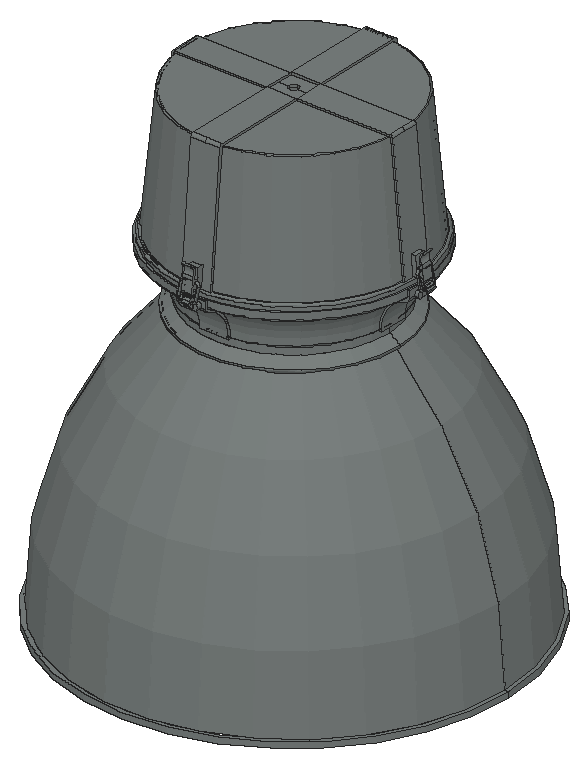
Revit family "QSD22", category Lighting Fixtures, Revit 2024
Family settings
  Round Connector Dimension = Use Diameter
  Part Type = Normal
  OmniClass Number = 23.80.70.00
  OmniClass Title = Lighting
  Work Plane-Based = No
  Always vertical = Yes
  Cut with Voids When Loaded = No
  Light Source = No
  Maintain Annotation Orientation = No
  Shared = No
  Room Calculation Point = No
Parameters
  Default Elevation = 0' - 0"
Reference planes (in)
  plane 1 "Light Source Axis (F/B)": y = 0
  plane 2: z = 0
  plane 3 "Light Source Axis (L/R)": x = 0
  plane 4 "Light Source Elevation": z = 54
Forms (in)
  Sweep 1, solid, material "GLASS SHADE", not visible
    path origin (75.968, 0, 0.00093) x (1, 0, 0) y (0, 0, 1)
      loop
        arc (-4.5864, 68.3252) -> (-8.91952, 61.72019) -> (-10.59309, 54) r 21.63816
    profile origin (67.04848, 0, 61.72112) x (0.922209, 0, -0.386691) y (0, -1, 0)
      loop
        circle (0, 0) r 0.03125
  Revolve 2, solid, material "74"
    sketch origin (0, 0, 0) x (1, 0, 0) y (0, 0, 1)
      loop
        line (5.57958, 78.52899) -> (0.25, 78.52899) -> (0.25, 78.43524) -> (5.53983, 78.43524) -> (6.16483, 71.93524) -> (6.35625, 71.93524) -> (6.35625, 71.63524) -> (6.45625, 71.63524) -> (6.45625, 71.39699)
        arc (6.45625, 71.39699) -> (5.35883, 70.61454) -> (4.96966, 69.32416) r 2.08423
        line (4.96966, 69.32416) -> (4.875, 69.27899) -> (4.875, 68.82223) -> (5.37255, 68.4476)
        arc (5.37255, 68.4476) -> (5.45332, 68.32454) -> (5.425, 68.46899) r 0.075
        line (5.425, 68.46899) -> (5.5, 68.46899) -> (4.96875, 68.86899) -> (4.96875, 69.27899) -> (5.01337, 69.27899)
        arc (5.01337, 69.27899) -> (5.04822, 69.29313) -> (5.06335, 69.32756) r 0.05
        arc (5.06335, 69.32756) -> (5.44542, 70.57428) -> (6.51716, 71.31701) r 1.99048
        arc (6.51716, 71.31701) -> (6.54098, 71.33532) -> (6.55, 71.36397) r 0.05
        line (6.55, 71.36397) -> (6.55, 71.72899) -> (6.45, 71.72899) -> (6.45, 71.92899)
        arc (6.45, 71.92899) -> (6.42071, 71.9997) -> (6.35, 72.02899) r 0.1
        line (6.35, 72.02899) -> (6.25, 72.02899) -> (5.62935, 78.48378)
        arc (5.62935, 78.48378) -> (5.6132, 78.516) -> (5.57958, 78.52899) r 0.05
      axis (0, 78.52899) -> (0, 68.4476)
    angle from 0 to 360
  Extrusion 3, solid, material "74"
    sketch origin (1.40026, 0, 3.31547) x (1, 0, 0) y (0, 0, 1)
      loop
        line (5.15501, 69.80879) -> (4.85768, 69.7802) -> (4.9534, 68.78479) -> (5.25072, 68.81338) -> (5.15501, 69.80879)
    from -0.25 to 0.25
  Extrusion 4, solid, material "74"
    sketch origin (1.32995, 0, 3.31547) x (1, 0, 0) y (0, 0, 1)
      loop
        arc (5.62267, 69.96967) -> (5.62809, 70.0216) -> (5.57635, 70.02861) r 0.0375
        arc (5.57635, 70.02861) -> (5.40371, 69.7501) -> (5.47068, 69.42934) r 0.44129
        arc (5.47068, 69.42934) -> (5.4898, 69.37546) -> (5.4813, 69.31892) r 0.11777
        line (5.4813, 69.31892) -> (5.37827, 69.30901)
        arc (5.37827, 69.30901) -> (5.31069, 69.27309) -> (5.2883, 69.1999) r 0.1
        line (5.2883, 69.1999) -> (5.3379, 68.68408)
        arc (5.3379, 68.68408) -> (5.34868, 68.6638) -> (5.37064, 68.65708) r 0.03
        line (5.37064, 68.65708) -> (5.54296, 68.67365) -> (5.60823, 68.67993)
        arc (5.60823, 68.67993) -> (5.62851, 68.69071) -> (5.63522, 68.71266) r 0.03
        line (5.63522, 68.71266) -> (5.57605, 69.32803)
        arc (5.57605, 69.32803) -> (5.57025, 69.41492) -> (5.53529, 69.49469) r 0.25271
        arc (5.53529, 69.49469) -> (5.483, 69.74984) -> (5.62267, 69.96967) r 0.34754
      loop
        arc (5.51274, 68.71846) -> (5.57833, 68.84752) -> (5.44803, 68.91061) r 0.1014
        arc (5.44803, 68.91061) -> (5.38614, 68.7828) -> (5.51274, 68.71846) r 0.1014
      loop
        arc (5.39995, 69.12839) -> (5.46251, 69.24386) -> (5.37477, 69.14614) r 0.06612
        arc (5.37477, 69.14614) -> (5.38631, 69.13578) -> (5.39995, 69.12839) r 0.06612
    from -0.25 to 0.25
  Sweep 5, solid, material "74"
    path origin (18.30398, 0, 4.0495) x (0, 1, 0) y (-0.241922, 0, 0.970296)
      loop
        line (0.44423, 68.48095) -> (0.44423, 69.1026)
        arc (0.44423, 69.1026) -> (0.4108, 69.1833) -> (0.3301, 69.21672) r 0.11413
        line (0.3301, 69.21672) -> (-0.3301, 69.21672)
        arc (-0.3301, 69.21672) -> (-0.4108, 69.1833) -> (-0.44423, 69.1026) r 0.11412
        line (-0.44423, 69.1026) -> (-0.44423, 68.48095)
        arc (-0.44423, 68.48095) -> (-0.4108, 68.40026) -> (-0.3301, 68.36683) r 0.11412
        line (-0.3301, 68.36683) -> (0.3301, 68.36683)
        arc (0.3301, 68.36683) -> (0.4108, 68.40026) -> (0.44423, 68.48095) r 0.11413
    profile origin (1.66174, 0.44423, 70.79787) x (0, -1, 0) y (0.970296, 0, 0.241922)
      loop
        circle (0, 5.35372) r 0.04688
  Extrusion 6, solid, material "74"
    sketch origin (1.40026, 0, 3.31547) x (1, 0, 0) y (0, 0, 1)
      loop
        line (5.37991, 68.01303) -> (5.47991, 68.01303) -> (5.47991, 68.354)
        arc (5.47991, 68.354) -> (5.53289, 68.42368) -> (5.6142, 68.39125) r 0.07231
        line (5.6142, 68.39125) -> (5.67858, 68.2841)
        arc (5.67858, 68.2841) -> (5.74719, 68.267) -> (5.76429, 68.33561) r 0.05
        line (5.76429, 68.33561) -> (5.69991, 68.44275)
        arc (5.69991, 68.44275) -> (5.65001, 68.49587) -> (5.5826, 68.52361) r 0.17231
        arc (5.5826, 68.52361) -> (5.52617, 68.52433) -> (5.47254, 68.50678) r 0.17231
        arc (5.47254, 68.50678) -> (5.40488, 68.44333) -> (5.37991, 68.354) r 0.17231
        line (5.37991, 68.354) -> (5.37991, 68.01303)
    from -0.24257 to 0.24257
  Extrusion 7, solid, material "74"
    sketch origin (1.40026, 0, 3.31547) x (0, 1, 0) y (0, 0, 1)
      loop
        arc (-0.34078, 68.29475) -> (-0.50207, 68.13346) -> (-0.34078, 67.97217) r 0.16129
        line (-0.34078, 67.97217) -> (0.34078, 67.97217)
        arc (0.34078, 67.97217) -> (0.50207, 68.13346) -> (0.34078, 68.29475) r 0.16129
        line (0.34078, 68.29475) -> (-0.01649, 68.29475) -> (-0.34078, 68.29475)
    from 5.25974 to 5.47991
  Extrusion 8, solid, material "74"
    sketch origin (-1.40026, 0, 3.31547) x (1, 0, 0) y (0, 0, 1)
      loop
        line (-5.20286, 69.31109) -> (-5.25072, 68.81338) -> (-4.9534, 68.78479) -> (-4.90554, 69.2825) -> (-5.20286, 69.31109)
    from -0.75 to 0.75
  Extrusion 9, solid, material "74"
    sketch origin (-1.40026, 0, 3.31547) x (1, 0, 0) y (0, 0, 1)
      loop
        line (-5.20795, 69.25817) -> (-5.30749, 69.26774) -> (-5.35771, 68.74552)
        arc (-5.35771, 68.74552) -> (-5.58577, 68.61183) -> (-5.37079, 68.45799) r 0.15757
        line (-5.37079, 68.45799) -> (-5.37079, 68.01303) -> (-5.27079, 68.01303) -> (-5.27079, 68.60467) -> (-5.20795, 69.25817)
    from -0.75 to 0.75
  Sweep 10, solid, material "74"
    path origin (0, 0, 0) x (1, 0, 0) y (0, 0, 1)
      loop
        line (0.78692, 78.63899) -> (5.57958, 78.63899)
        arc (5.57958, 78.63899) -> (5.68716, 78.59742) -> (5.73884, 78.4943) r 0.16
        line (5.73884, 78.4943) -> (6.35949, 72.03952)
    profile origin (3.18325, 0, 78.63899) x (0, 0, 1) y (0, -1, 0)
      loop
        line (0, 0) -> (0, 0.75) -> (-0.1, 0.75) -> (-0.1, -0.75) -> (0, -0.75) -> (0, 0)
  Sweep 11, solid, material "74"
    path origin (0, 0, 0) x (1, 0, 0) y (0, 0, 1)
      loop
        arc (5.17331, 69.32442) -> (5.532, 70.51193) -> (6.55493, 71.21369) r 1.87004
        arc (6.55493, 71.21369) -> (6.63113, 71.27228) -> (6.66, 71.36397) r 0.16
        line (6.66, 71.36397) -> (6.66, 71.72899)
    profile origin (6.66, 0, 71.54648) x (-1, 0, 0) y (0, -1, 0)
      loop
        line (0, 0.76649) -> (0, -0.73351) -> (0.1, -0.73351) -> (0.1, 0.76649) -> (0, 0.76649)
  Extrusion 12, solid, material "74"
    sketch origin (0, -1.40026, 3.31547) x (0, -1, 0) y (0, 0, 1)
      loop
        line (5.15501, 69.80879) -> (4.85768, 69.7802) -> (4.9534, 68.78479) -> (5.25072, 68.81338) -> (5.15501, 69.80879)
    from -0.25 to 0.25
  Extrusion 13, solid, material "74"
    sketch origin (0, -1.32995, 3.31547) x (0, -1, 0) y (0, 0, 1)
      loop
        arc (5.62267, 69.96967) -> (5.62809, 70.0216) -> (5.57635, 70.02861) r 0.0375
        arc (5.57635, 70.02861) -> (5.40371, 69.7501) -> (5.47068, 69.42934) r 0.44129
        arc (5.47068, 69.42934) -> (5.4898, 69.37546) -> (5.4813, 69.31892) r 0.11777
        line (5.4813, 69.31892) -> (5.37827, 69.30901)
        arc (5.37827, 69.30901) -> (5.31069, 69.27309) -> (5.2883, 69.1999) r 0.1
        line (5.2883, 69.1999) -> (5.3379, 68.68408)
        arc (5.3379, 68.68408) -> (5.34868, 68.6638) -> (5.37064, 68.65708) r 0.03
        line (5.37064, 68.65708) -> (5.54296, 68.67365) -> (5.60823, 68.67993)
        arc (5.60823, 68.67993) -> (5.62851, 68.69071) -> (5.63522, 68.71266) r 0.03
        line (5.63522, 68.71266) -> (5.57605, 69.32803)
        arc (5.57605, 69.32803) -> (5.57025, 69.41492) -> (5.53529, 69.49469) r 0.25271
        arc (5.53529, 69.49469) -> (5.483, 69.74984) -> (5.62267, 69.96967) r 0.34754
      loop
        arc (5.51274, 68.71846) -> (5.57833, 68.84752) -> (5.44803, 68.91061) r 0.1014
        arc (5.44803, 68.91061) -> (5.38614, 68.7828) -> (5.51274, 68.71846) r 0.1014
      loop
        arc (5.39995, 69.12839) -> (5.46251, 69.24386) -> (5.37477, 69.14614) r 0.06612
        arc (5.37477, 69.14614) -> (5.38631, 69.13578) -> (5.39995, 69.12839) r 0.06612
    from -0.25 to 0.25
  Sweep 14, solid, material "74"
    path origin (0, -18.30398, 4.0495) x (1, 0, 0) y (0, 0.241922, 0.970296)
      loop
        line (0.44423, 68.48095) -> (0.44423, 69.1026)
        arc (0.44423, 69.1026) -> (0.4108, 69.1833) -> (0.3301, 69.21672) r 0.11413
        line (0.3301, 69.21672) -> (-0.3301, 69.21672)
        arc (-0.3301, 69.21672) -> (-0.4108, 69.1833) -> (-0.44423, 69.1026) r 0.11412
        line (-0.44423, 69.1026) -> (-0.44423, 68.48095)
        arc (-0.44423, 68.48095) -> (-0.4108, 68.40026) -> (-0.3301, 68.36683) r 0.11412
        line (-0.3301, 68.36683) -> (0.3301, 68.36683)
        arc (0.3301, 68.36683) -> (0.4108, 68.40026) -> (0.44423, 68.48095) r 0.11413
    profile origin (0.44423, -1.66174, 70.79787) x (-1, 0, 0) y (0, -0.970296, 0.241922)
      loop
        circle (0, 5.35372) r 0.04688
  Extrusion 15, solid, material "74"
    sketch origin (0, -1.40026, 3.31547) x (0, -1, 0) y (0, 0, 1)
      loop
        line (5.37991, 68.01303) -> (5.47991, 68.01303) -> (5.47991, 68.354)
        arc (5.47991, 68.354) -> (5.53289, 68.42368) -> (5.6142, 68.39125) r 0.07231
        line (5.6142, 68.39125) -> (5.67858, 68.2841)
        arc (5.67858, 68.2841) -> (5.74719, 68.267) -> (5.76429, 68.33561) r 0.05
        line (5.76429, 68.33561) -> (5.69991, 68.44275)
        arc (5.69991, 68.44275) -> (5.65001, 68.49587) -> (5.5826, 68.52361) r 0.17231
        arc (5.5826, 68.52361) -> (5.52617, 68.52433) -> (5.47254, 68.50678) r 0.17231
        arc (5.47254, 68.50678) -> (5.40488, 68.44333) -> (5.37991, 68.354) r 0.17231
        line (5.37991, 68.354) -> (5.37991, 68.01303)
    from -0.24257 to 0.24257
  Extrusion 16, solid, material "74"
    sketch origin (0, -1.40026, 3.31547) x (1, 0, 0) y (0, 0, 1)
      loop
        arc (-0.34078, 68.29475) -> (-0.50207, 68.13346) -> (-0.34078, 67.97217) r 0.16129
        line (-0.34078, 67.97217) -> (0.34078, 67.97217)
        arc (0.34078, 67.97217) -> (0.50207, 68.13346) -> (0.34078, 68.29475) r 0.16129
        line (0.34078, 68.29475) -> (-0.01649, 68.29475) -> (-0.34078, 68.29475)
    from 5.25974 to 5.47991
  Sweep 17, solid, material "74"
    path origin (0, 0, 0) x (0, -1, 0) y (0, 0, 1)
      loop
        arc (5.17331, 69.32442) -> (5.532, 70.51193) -> (6.55493, 71.21369) r 1.87004
        arc (6.55493, 71.21369) -> (6.63113, 71.27228) -> (6.66, 71.36397) r 0.16
        line (6.66, 71.36397) -> (6.66, 71.72899)
    profile origin (0, -6.66, 71.54648) x (0, 1, 0) y (-1, 0, 0)
      loop
        line (0, 0.76649) -> (0, -0.73351) -> (0.1, -0.73351) -> (0.1, 0.76649) -> (0, 0.76649)
  Extrusion 18, solid, material "74"
    sketch origin (0, 1.40026, 3.31547) x (0, 1, 0) y (0, 0, 1)
      loop
        line (5.15501, 69.80879) -> (4.85768, 69.7802) -> (4.9534, 68.78479) -> (5.25072, 68.81338) -> (5.15501, 69.80879)
    from -0.25 to 0.25
  Extrusion 19, solid, material "74"
    sketch origin (0, 1.32995, 3.31547) x (0, 1, 0) y (0, 0, 1)
      loop
        arc (5.62267, 69.96967) -> (5.62809, 70.0216) -> (5.57635, 70.02861) r 0.0375
        arc (5.57635, 70.02861) -> (5.40371, 69.7501) -> (5.47068, 69.42934) r 0.44129
        arc (5.47068, 69.42934) -> (5.4898, 69.37546) -> (5.4813, 69.31892) r 0.11777
        line (5.4813, 69.31892) -> (5.37827, 69.30901)
        arc (5.37827, 69.30901) -> (5.31069, 69.27309) -> (5.2883, 69.1999) r 0.1
        line (5.2883, 69.1999) -> (5.3379, 68.68408)
        arc (5.3379, 68.68408) -> (5.34868, 68.6638) -> (5.37064, 68.65708) r 0.03
        line (5.37064, 68.65708) -> (5.54296, 68.67365) -> (5.60823, 68.67993)
        arc (5.60823, 68.67993) -> (5.62851, 68.69071) -> (5.63522, 68.71266) r 0.03
        line (5.63522, 68.71266) -> (5.57605, 69.32803)
        arc (5.57605, 69.32803) -> (5.57025, 69.41492) -> (5.53529, 69.49469) r 0.25271
        arc (5.53529, 69.49469) -> (5.483, 69.74984) -> (5.62267, 69.96967) r 0.34754
      loop
        arc (5.51274, 68.71846) -> (5.57833, 68.84752) -> (5.44803, 68.91061) r 0.1014
        arc (5.44803, 68.91061) -> (5.38614, 68.7828) -> (5.51274, 68.71846) r 0.1014
      loop
        arc (5.39995, 69.12839) -> (5.46251, 69.24386) -> (5.37477, 69.14614) r 0.06612
        arc (5.37477, 69.14614) -> (5.38631, 69.13578) -> (5.39995, 69.12839) r 0.06612
    from -0.25 to 0.25
  Sweep 20, solid, material "74"
    path origin (0, 18.30398, 4.0495) x (-1, 0, 0) y (0, -0.241922, 0.970296)
      loop
        line (0.44423, 68.48095) -> (0.44423, 69.1026)
        arc (0.44423, 69.1026) -> (0.4108, 69.1833) -> (0.3301, 69.21672) r 0.11413
        line (0.3301, 69.21672) -> (-0.3301, 69.21672)
        arc (-0.3301, 69.21672) -> (-0.4108, 69.1833) -> (-0.44423, 69.1026) r 0.11412
        line (-0.44423, 69.1026) -> (-0.44423, 68.48095)
        arc (-0.44423, 68.48095) -> (-0.4108, 68.40026) -> (-0.3301, 68.36683) r 0.11412
        line (-0.3301, 68.36683) -> (0.3301, 68.36683)
        arc (0.3301, 68.36683) -> (0.4108, 68.40026) -> (0.44423, 68.48095) r 0.11413
    profile origin (-0.44423, 1.66174, 70.79787) x (1, 0, 0) y (0, 0.970296, 0.241922)
      loop
        circle (0, 5.35372) r 0.04688
  Extrusion 21, solid, material "74"
    sketch origin (0, 1.40026, 3.31547) x (0, 1, 0) y (0, 0, 1)
      loop
        line (5.37991, 68.01303) -> (5.47991, 68.01303) -> (5.47991, 68.354)
        arc (5.47991, 68.354) -> (5.53289, 68.42368) -> (5.6142, 68.39125) r 0.07231
        line (5.6142, 68.39125) -> (5.67858, 68.2841)
        arc (5.67858, 68.2841) -> (5.74719, 68.267) -> (5.76429, 68.33561) r 0.05
        line (5.76429, 68.33561) -> (5.69991, 68.44275)
        arc (5.69991, 68.44275) -> (5.65001, 68.49587) -> (5.5826, 68.52361) r 0.17231
        arc (5.5826, 68.52361) -> (5.52617, 68.52433) -> (5.47254, 68.50678) r 0.17231
        arc (5.47254, 68.50678) -> (5.40488, 68.44333) -> (5.37991, 68.354) r 0.17231
        line (5.37991, 68.354) -> (5.37991, 68.01303)
    from -0.24257 to 0.24257
  Extrusion 22, solid, material "74"
    sketch origin (0, 1.40026, 3.31547) x (-1, 0, 0) y (0, 0, 1)
      loop
        arc (-0.34078, 68.29475) -> (-0.50207, 68.13346) -> (-0.34078, 67.97217) r 0.16129
        line (-0.34078, 67.97217) -> (0.34078, 67.97217)
        arc (0.34078, 67.97217) -> (0.50207, 68.13346) -> (0.34078, 68.29475) r 0.16129
        line (0.34078, 68.29475) -> (-0.01649, 68.29475) -> (-0.34078, 68.29475)
    from 5.25974 to 5.47991
  Sweep 23, solid, material "74"
    path origin (0, 0, 0) x (0, 1, 0) y (0, 0, 1)
      loop
        arc (5.17331, 69.32442) -> (5.532, 70.51193) -> (6.55493, 71.21369) r 1.87004
        arc (6.55493, 71.21369) -> (6.63113, 71.27228) -> (6.66, 71.36397) r 0.16
        line (6.66, 71.36397) -> (6.66, 71.72899)
    profile origin (0, 6.66, 71.54648) x (0, -1, 0) y (1, 0, 0)
      loop
        line (0, 0.76649) -> (0, -0.73351) -> (0.1, -0.73351) -> (0.1, 0.76649) -> (0, 0.76649)
  Sweep 24, solid, material "74"
    path origin (0, 0, 0) x (-1, 0, 0) y (0, 0, 1)
      loop
        arc (5.17331, 69.32442) -> (5.532, 70.51193) -> (6.55493, 71.21369) r 1.87004
        arc (6.55493, 71.21369) -> (6.63113, 71.27228) -> (6.66, 71.36397) r 0.16
        line (6.66, 71.36397) -> (6.66, 71.72899)
    profile origin (-6.66, 0, 71.54648) x (1, 0, 0) y (0, 1, 0)
      loop
        line (0, 0.76649) -> (0, -0.73351) -> (0.1, -0.73351) -> (0.1, 0.76649) -> (0, 0.76649)
  Sweep 25, solid, material "74"
    path origin (0, 0, 0) x (0, -1, 0) y (0, 0, 1)
      loop
        line (0.78692, 78.63899) -> (5.57958, 78.63899)
        arc (5.57958, 78.63899) -> (5.68716, 78.59742) -> (5.73884, 78.4943) r 0.16
        line (5.73884, 78.4943) -> (6.35949, 72.03952)
    profile origin (0, -3.18325, 78.63899) x (0, 0, 1) y (-1, 0, 0)
      loop
        line (0, 0) -> (0, 0.75) -> (-0.1, 0.75) -> (-0.1, -0.75) -> (0, -0.75) -> (0, 0)
  Sweep 26, solid, material "74"
    path origin (0, 0, 0) x (0, 1, 0) y (0, 0, 1)
      loop
        line (0.78692, 78.63899) -> (5.57958, 78.63899)
        arc (5.57958, 78.63899) -> (5.68716, 78.59742) -> (5.73884, 78.4943) r 0.16
        line (5.73884, 78.4943) -> (6.35949, 72.03952)
    profile origin (0, 3.18325, 78.63899) x (0, 0, 1) y (1, 0, 0)
      loop
        line (0, 0) -> (0, 0.75) -> (-0.1, 0.75) -> (-0.1, -0.75) -> (0, -0.75) -> (0, 0)
  Sweep 27, solid, material "74"
    path origin (0, 0, 0) x (-1, 0, 0) y (0, 0, 1)
      loop
        line (0.78692, 78.63899) -> (5.57958, 78.63899)
        arc (5.57958, 78.63899) -> (5.68716, 78.59742) -> (5.73884, 78.4943) r 0.16
        line (5.73884, 78.4943) -> (6.35949, 72.03952)
    profile origin (-3.18325, 0, 78.63899) x (0, 0, 1) y (0, 1, 0)
      loop
        line (0, 0) -> (0, 0.75) -> (-0.1, 0.75) -> (-0.1, -0.75) -> (0, -0.75) -> (0, 0)
  Revolve 28, solid, material "74"
    sketch origin (0, 0, 0) x (1, 0, 0) y (0, 0, 1)
      loop
        line (11.16025, 54) -> (11.16025, 54.30779) -> (10.9572, 54.30779)
        arc (10.9572, 54.30779) -> (9.55266, 62.01139) -> (5.16417, 68.49672) r 19.02479
        line (5.16417, 68.49672) -> (5.09787, 68.43042)
        arc (5.09787, 68.43042) -> (9.48372, 61.93208) -> (10.86064, 54.21404) r 18.93104
        line (10.86064, 54.21404) -> (11.0665, 54.21404) -> (11.0665, 54) -> (11.16025, 54)
      axis (0, 68.49672) -> (0, 54)
    angle from 0 to 360
Dimensions and locks (in)
  aligned and locked: level to plane 2
